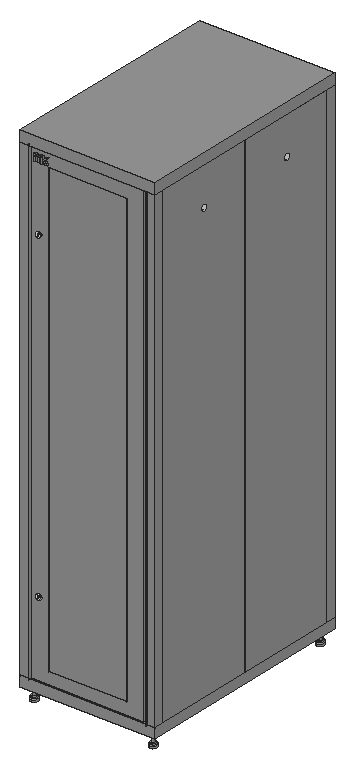
Revit family "ITK_Шкаф сетевой LINEA E_Напольный_24U-47U_IP00", category Электрооборудование, Revit 2019 (continued)
Definition of nested family "УГО_шкафа_ITK"
  Dimensions and locks
    equal spacing: plane 4, plane 3 "По центру (Влево/Вправо)", plane 5
    "Ширина УГО": plane 4 to plane 5
    "Глубина УГО": plane 8 to plane 6
    "Ширина УГО": plane 6 to plane 7
    equal spacing: plane 8, plane 1 "По центру (Вперед/Назад)", plane 6
    "Засечка УГО": plane 9 "Засечка УГО" to plane 1 "По центру (Вперед/Назад)"
    "Засечка УГО": plane 1 "По центру (Вперед/Назад)" to plane 10
    "Ширина УГО": plane 11 "Вторая дверь" to plane 8
    aligned and locked: level to plane 2
    aligned and locked: plane 6 to curve 5
    aligned and locked: curve 1 to plane 8
    aligned and locked: curve 7 to plane 9 "Засечка УГО"
    aligned and locked: plane 4 to curve 7
    aligned and locked: plane 5 to curve 8
    aligned and locked: plane 4 to curve 8
    aligned and locked: curve 8 to plane 10
    aligned and locked: plane 11 "Вторая дверь" to curve 9
    aligned and locked: plane 8 to curve 9
    aligned and locked: curve 9 to plane 5
Types (10, lengths in mm): name | Панель боковая_ITK_2шт | Панель боковая (1000 мм)_2шт | Материал стекла (перфорации) | Материал | Глубина | Высота общая | Высота | IEK_Цена за единицу | IEK_URL | ADSK_Наименование | ADSK_Масса | ADSK_Код изделия | ADSK_URL страницы изделия
  В2000хШ600хГ800_Серый_2PM | yes | no | Окраска - RAL 7035 перфорация | Окраска - RAL 7035 | 800 | 2056 | 2000 | 29341.99 | "https://www.itk-group.ru/produktsiya/catalog/oborudovanie_telekommunikatsionnoe/shkafy_telekommunikatsionnye/shkafy_setevye_napolnye/shkafy_serii_linea_e/600x800mm/itk_shkaf_setevoy_napolnyy_linea_e_42u_600kh800mm_perforirovannaya_perednyaya_dver_zadnyaya_metallicheskaya_seryy" | "ITK Шкаф сетевой 19\" LINEA E 42U В2000хШ600хГ800 мм, перфорированная передняя дверь, задняя металлическая, серый" | 116.32 | "LE35-42U68-PM" | "https://www.itk-group.ru/produktsiya/catalog/oborudovanie_telekommunikatsionnoe/shkafy_telekommunikatsionnye/shkafy_setevye_napolnye/shkafy_serii_linea_e/600x800mm/?pagec=50"
  В2000хШ600хГ800_Черный_2PM | yes | no | Окраска - RAL 9005 перфорация | Окраска - RAL 9005 | 800 | 2056 | 2000 | 29341.99 | "https://www.itk-group.ru/produktsiya/catalog/oborudovanie_telekommunikatsionnoe/shkafy_telekommunikatsionnye/shkafy_setevye_napolnye/shkafy_serii_linea_e/600x800mm/itk_shkaf_setevoy_napolnyy_linea_e_42u_600kh800mm_perforirovannaya_perednyaya_dver_zadnyaya_metallicheskaya_chernyy" | "ITK Шкаф сетевой 19\" LINEA E 42U В2000хШ600хГ800 мм, перфорированная передняя дверь, задняя металлическая, черный" | 116.32 | "LE05-42U68-PM" | "https://www.itk-group.ru/produktsiya/catalog/oborudovanie_telekommunikatsionnoe/shkafy_telekommunikatsionnye/shkafy_setevye_napolnye/shkafy_serii_linea_e/600x800mm/?pagec=50"
  В1200хШ600хГ1000_Серый_2PM | no | yes | Окраска - RAL 7035 перфорация | Окраска - RAL 7035 | 1000 | 1256 | 1200 | 26438.71 | "https://www.itk-group.ru/produktsiya/catalog/oborudovanie_telekommunikatsionnoe/shkafy_telekommunikatsionnye/shkafy_setevye_napolnye/shkafy_serii_linea_e/600x1000mm/itk_shkaf_setevoy_napolnyy_linea_e_24u_600kh1000mm_perforirovannaya_perednyaya_dver_zadnyaya_metallicheskaya_seryy" | "ITK Шкаф сетевой 19\" LINEA E 24U В1200хШ600хГ1000 мм, перфорированная передняя дверь, задняя металлическая, серый" | 93.11 | "LE35-24U61-PM" | "https://www.itk-group.ru/produktsiya/catalog/oborudovanie_telekommunikatsionnoe/shkafy_telekommunikatsionnye/shkafy_setevye_napolnye/shkafy_serii_linea_e/600x1000mm/"
  В1200хШ600хГ1000_Черный_2PM | no | yes | Окраска - RAL 9005 перфорация | Окраска - RAL 9005 | 1000 | 1256 | 1200 | 26438.71 | "https://www.itk-group.ru/produktsiya/catalog/oborudovanie_telekommunikatsionnoe/shkafy_telekommunikatsionnye/shkafy_setevye_napolnye/shkafy_serii_linea_e/600x1000mm/itk_shkaf_setevoy_napolnyy_linea_e_24u_600kh1000mm_perforirovannaya_perednyaya_dver_zadnyaya_metallicheskaya_chernyy" | "ITK Шкаф сетевой 19\" LINEA E 24U В1200хШ600хГ1000 мм, перфорированная передняя дверь, задняя металлическая, черный" | 93.11 | "LE05-24U61-PM" | "https://www.itk-group.ru/produktsiya/catalog/oborudovanie_telekommunikatsionnoe/shkafy_telekommunikatsionnye/shkafy_setevye_napolnye/shkafy_serii_linea_e/600x1000mm/"
  В1600хШ600хГ1000_Серый_2GPM | no | yes | Окраска - RAL 7035 перфорация | Окраска - RAL 7035 | 1000 | 1656 | 1600 | 30925.04 | "https://www.itk-group.ru/produktsiya/catalog/oborudovanie_telekommunikatsionnoe/shkafy_telekommunikatsionnye/shkafy_setevye_napolnye/shkafy_serii_linea_e/600x1000mm/itk_shkaf_setevoy_napolnyy_linea_e_33u_600kh1000mm_perforirovannaya_perednyaya_dver_zadnyaya_metallicheskaya_seryy" | "ITK Шкаф сетевой 19\" LINEA E 33U В1600хШ600хГ1000 мм, перфорированная передняя дверь, задняя металлическая, серый" | 115.54 | "LE35-33U61-PM" | "https://www.itk-group.ru/produktsiya/catalog/oborudovanie_telekommunikatsionnoe/shkafy_telekommunikatsionnye/shkafy_setevye_napolnye/shkafy_serii_linea_e/600x1000mm/"
  В1600хШ600хГ1000_Черный_2PM | no | yes | Окраска - RAL 9005 перфорация | Окраска - RAL 9005 | 1000 | 1656 | 1600 | 30925.04 | "https://www.itk-group.ru/produktsiya/catalog/oborudovanie_telekommunikatsionnoe/shkafy_telekommunikatsionnye/shkafy_setevye_napolnye/shkafy_serii_linea_e/600x1000mm/itk_shkaf_setevoy_napolnyy_linea_e_33u_600kh1000mm_perforirovannaya_perednyaya_dver_zadnyaya_metallicheskaya_chernyy" | "ITK Шкаф сетевой 19\" LINEA E 33U В1600хШ600хГ1000 мм, перфорированная передняя дверь, задняя металлическая, черный" | 115.54 | "LE05-33U61-PM" | "https://www.itk-group.ru/produktsiya/catalog/oborudovanie_telekommunikatsionnoe/shkafy_telekommunikatsionnye/shkafy_setevye_napolnye/shkafy_serii_linea_e/600x1000mm/"
  В2000хШ600хГ1000_Серый_2PM | no | yes | Окраска - RAL 7035 перфорация | Окраска - RAL 7035 | 1000 | 2056 | 2000 | 32938.43 | "https://www.itk-group.ru/produktsiya/catalog/oborudovanie_telekommunikatsionnoe/shkafy_telekommunikatsionnye/shkafy_setevye_napolnye/shkafy_serii_linea_e/600x1000mm/itk_shkaf_setevoy_napolnyy_linea_e_42u_600kh1000mm_perforirovannaya_perednyaya_dver_zadnyaya_metallicheskaya_seryy" | "ITK Шкаф сетевой 19\" LINEA E 42U В2000хШ600хГ1000 мм, перфорированная передняя дверь, задняя металлическая, серый" | 132.19 | "LE35-42U61-PM" | "https://www.itk-group.ru/produktsiya/catalog/oborudovanie_telekommunikatsionnoe/shkafy_telekommunikatsionnye/shkafy_setevye_napolnye/shkafy_serii_linea_e/600x1000mm/"
  В2000хШ600хГ1000_Черный_2PM | no | yes | Окраска - RAL 9005 перфорация | Окраска - RAL 9005 | 1000 | 2056 | 2000 | 32938.43 | "https://www.itk-group.ru/produktsiya/catalog/oborudovanie_telekommunikatsionnoe/shkafy_telekommunikatsionnye/shkafy_setevye_napolnye/shkafy_serii_linea_e/600x1000mm/itk_shkaf_setevoy_napolnyy_linea_e_42u_600kh1000mm_perforirovannaya_perednyaya_dver_zadnyaya_metallicheskaya_chernyy" | "ITK Шкаф сетевой 19\" LINEA E 42U В2000хШ600хГ1000 мм, перфорированная передняя дверь, задняя металлическая, черный" | 132.19 | "LE05-42U61-PM" | "https://www.itk-group.ru/produktsiya/catalog/oborudovanie_telekommunikatsionnoe/shkafy_telekommunikatsionnye/shkafy_setevye_napolnye/shkafy_serii_linea_e/600x1000mm/"
  В2220хШ600хГ1000_Серый_2PM | no | yes | Окраска - RAL 7035 перфорация | Окраска - RAL 7035 | 1000 | 2276 | 2220 | 34629.22 | "https://www.itk-group.ru/produktsiya/catalog/oborudovanie_telekommunikatsionnoe/shkafy_telekommunikatsionnye/shkafy_setevye_napolnye/shkafy_serii_linea_e/600x1000mm/itk_shkaf_setevoy_napolnyy_linea_e_47u_600kh1000mm_perforirovannaya_perednyaya_dver_zadnyaya_metallicheskaya_seryy" | "ITK Шкаф сетевой 19\" LINEA E 47U В2220хШ600хГ1000 мм, перфорированная передняя дверь, задняя металлическая, серый" | 147.2 | "LE35-47U61-PM" | "https://www.itk-group.ru/produktsiya/catalog/oborudovanie_telekommunikatsionnoe/shkafy_telekommunikatsionnye/shkafy_setevye_napolnye/shkafy_serii_linea_e/600x1000mm/"
  В2220хШ600хГ1000_Черный_2PM | no | yes | Окраска - RAL 9005 перфорация | Окраска - RAL 9005 | 1000 | 2276 | 2220 | 34629.22 | "https://www.itk-group.ru/produktsiya/catalog/oborudovanie_telekommunikatsionnoe/shkafy_telekommunikatsionnye/shkafy_setevye_napolnye/shkafy_serii_linea_e/600x1000mm/itk_shkaf_setevoy_napolnyy_linea_e_47u_600kh1000mm_perforirovannaya_perednyaya_dver_zadnyaya_metallicheskaya_chernyy" | "ITK Шкаф сетевой 19\" LINEA E 47U В2220хШ600хГ1000 мм, перфорированная передняя дверь, задняя металлическая, черный" | 147.2 | "LE05-47U61-PM" | "https://www.itk-group.ru/produktsiya/catalog/oborudovanie_telekommunikatsionnoe/shkafy_telekommunikatsionnye/shkafy_setevye_napolnye/shkafy_serii_linea_e/600x1000mm/"
